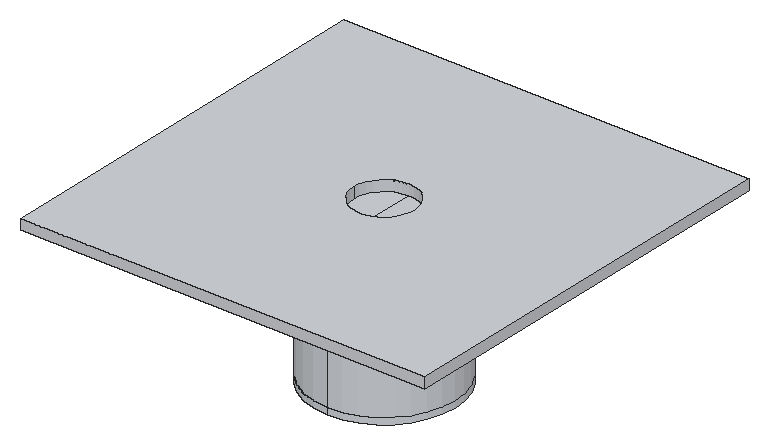
Revit family "Civic 210x225 Wallwasher", category Lighting Fixtures, Revit 2014
Parameters (values of type "Civic Ø210 x 225H")
  Wattage Comments = "17.5"
  Wattage = 17.5 W
  built-in parameter 1150110 = 1 (stored number, unit not read)
  Type Comments = "Recessed"
  Type = "Civic Ø210 x 225H Wallwashers"
  built-in parameter 1114217 = 1 (stored number, unit not read)
  built-in parameter 1150109 = 1 (stored number, unit not read)
  built-in parameter 1150134 = 12
  built-in parameter 1150113 = 1 (stored number, unit not read)
  O/A Diameter (mm) = "210"
  Model = "A4000/S-JJL"
  Manufacturer = "Designed Architectural Lighting"
  Luminous flux of luminaire (lm) = "2500 Lumens"
  Lumens = 2450 lm
  built-in parameter 1150115 = 1 (stored number, unit not read)
  built-in parameter 1150105 = 779.86 (stored number, unit not read)
  Light Source Symbol Size = 609.6 mm
  built-in parameter 1150137 = (empty or 0)
  built-in parameter 1150139 = (empty or 0)
  built-in parameter 1150112 = 1 (stored number, unit not read)
  built-in parameter 1150114 = 1 (stored number, unit not read)
  Lamp = "LED"
  built-in parameter 1150132 = (empty or 0)
  built-in parameter 1150102 = (empty or 0)
  built-in parameter 1150138 = (empty or 0)
  built-in parameter 1150107 = 4000 (stored number, unit not read)
  built-in parameter 1150106 = 7.7986 (stored number, unit not read)
  Height (mm) = "225"
  built-in parameter 1150104 = 13.006 (stored number, unit not read)
  Dimming Lamp Color Temperature Shift = <None>
  Description = "Recessed low brightness LED trimless downlighter"
  Colour temperature (K) = "4000K"
  Color Filter = 16777215
  CRI = "90"
  built-in parameter 1114218 = 1 (stored number, unit not read)
  built-in parameter 1150133 = 10 (stored number, unit not read)
  Apparent Load = 17.5 VA
Reference planes
  plane 1 "Light Source Axis (F/B)": y = 0
  plane 2: z = 0
  plane 3 "Light Source Axis (L/R)": x = 0
  plane 4 "Light Source Elevation": z = 0
Forms (mm)
  Extrusion 1, solid
    sketch origin (-38.915, -66.181, 0) x (1, 0, 0) y (0, 1, 0)
      loop
        line (-261.085, 366.181) -> (-261.085, -233.819) -> (338.915, -233.819) -> (338.915, 366.181) -> (-261.085, 366.181)
      loop
        circle (38.915, 66.181) r 45
    from 225.507 to 241.047
  Revolve 2, solid
    sketch origin (0, 0, 8.75) x (0, 1, 0) y (0, 0, 1)
      loop
        line (95.296, 1.852) -> (89.072, 1.852)
        arc (89.072, 1.852) -> (70.486, 38.913) -> (39.433, 66.385) r 109.289
        line (39.433, 66.385) -> (39.433, 70.042) -> (43.936, 74.546) -> (43.936, 76.398) -> (43.936, 81.588) -> (42.074, 81.588) -> (42.074, 75.627) -> (38.538, 72.092)
        arc (38.538, 72.092) -> (38.011, 71.339) -> (37.774, 70.452) r 2.645
        line (37.774, 70.452) -> (37.774, 64.193)
        arc (37.774, 64.193) -> (68.853, 37.383) -> (87.118, 0.625) r 103.852
        line (87.118, 0.625) -> (97.118, 0.625) -> (97.118, 10.012) -> (95.296, 10.012) -> (95.296, 1.852)
      axis (0, 81.588) -> (0, 0.625)
    angle from 0 to 360
  Revolve 3, solid
    sketch origin (0, 0, 0) x (0, 1, 0) y (0, 0, 1)
      loop
        line (105.444, 210.273) -> (101.203, 210.273) -> (101.203, 9.425) -> (105.444, 9.425) -> (105.444, 210.273)
      axis (0, 210.273) -> (0, 9.425)
    angle from 0 to 360
  Revolve 4, solid
    sketch origin (0, 0, -8.75) x (0, 1, 0) y (0, 0, 1)
      loop
        line (63.425, 173.758) -> (0, 173.758) -> (0, 122.967) -> (63.425, 122.967) -> (63.425, 173.758)
      axis (0, 173.758) -> (0, 122.967)
    angle from 0 to 360
  Revolve 5, solid
    sketch origin (0, 0, 26.25) x (0, 1, 0) y (0, 0, 1)
      loop
        line (25.44, 85.083) -> (0, 85.083) -> (0, 82.506) -> (25.44, 82.506) -> (25.44, 85.083)
      axis (0, 85.083) -> (0, 82.506)
    angle from 0 to 360
  Revolve 6, solid
    sketch origin (0, 0.222, 30.912) x (0, 1, 0) y (0, 0, 1)
      loop
        arc (37.551, 47.04) -> (33.311, 63.269) -> (25.009, 77.844) r 64.149
        line (25.009, 77.844) -> (24.013, 77.844)
        arc (24.013, 77.844) -> (32.101, 63.623) -> (36.557, 47.88) r 67.996
        line (36.557, 47.88) -> (36.557, 42.04) -> (37.551, 42.04) -> (37.551, 47.04)
      axis (0, 77.844) -> (0, 42.04)
    angle from 0 to 360
  Revolve 7, solid
    sketch origin (0, 0, 0) x (0, 1, 0) y (0, 0, 1)
      loop
        line (87.164, 225.507) -> (0, 225.507) -> (0, 220.87) -> (87.164, 220.87) -> (87.164, 225.507)
      axis (0, 225.507) -> (0, 220.87)
    angle from 0 to 360
  Revolve 8, solid
    sketch origin (0, 0, 29.493) x (0, 1, 0) y (0, 0, 1)
      loop
        line (101.18, 85.083) -> (0, 85.083) -> (0, 82.506) -> (101.18, 82.506) -> (101.18, 85.083)
      axis (0, 85.083) -> (0, 82.506)
    angle from 0 to 360
  Revolve 9, solid
    sketch origin (0, 0, -8.452) x (0, 1, 0) y (0, 0, 1)
      loop
        line (105, 228.903) -> (0, 228.903) -> (0, 219.051) -> (105, 219.051) -> (105, 228.903)
      axis (0, 228.903) -> (0, 219.051)
    angle from 0 to 360
  Revolve 10, solid
    sketch origin (0, 0, -0.625) x (0, 1, 0) y (0, 0, 1)
      loop
        line (95.296, 2.454) -> (87.118, 2.454) -> (87.118, 0.625) -> (105.505, 0.625) -> (105.505, 10.012) -> (95.296, 10.012) -> (87.118, 10.012) -> (87.118, 5.271) -> (95.296, 5.271) -> (95.296, 2.454)
      axis (0, 10.012) -> (0, 0.625)
    angle from 0 to 360
  Extrusion 11, solid
    sketch origin (0, 0, 0) x (1, 0, 0) y (0, 1, 0)
      loop
        line (0, 101.18) -> (0, -101.18)
        arc (0, -101.18) -> (101.18, 0) -> (0, 101.18) r 101.18
    from 1.829 to 4.646
  Revolve 12, solid
    sketch origin (0, 0, -0.45) x (0, 1, 0) y (0, 0, 1)
      loop
        line (87.021, 2.454) -> (79.166, 2.454) -> (79.166, 0.625) -> (87.021, 0.625) -> (87.021, 2.454)
      axis (0, 2.454) -> (0, 0.625)
    angle from 0 to 360
Dimensions and locks
  aligned and locked: plane 3 "Light Source Axis (L/R)" to imposter light
  aligned and locked: plane 1 "Light Source Axis (F/B)" to imposter light
  aligned and locked: plane 4 "Light Source Elevation" to imposter light
  aligned and locked: level to plane 2
